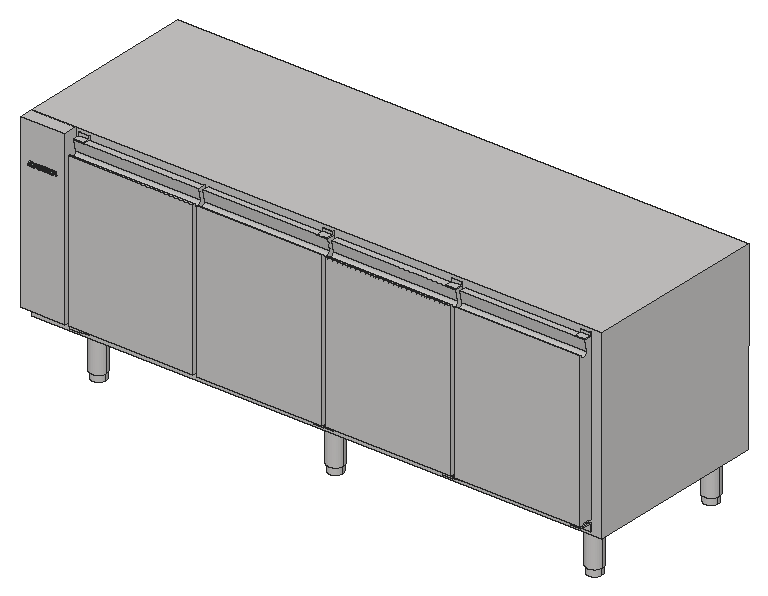
Revit family "QF_ALPENINOX_712666_AJ4R8AAAA", category Specialty Equipment, Revit 2018
Family settings
  Round Connector Dimension = Use Diameter
  Part Type = Normal
  Work Plane-Based = No
  Always vertical = Yes
  Cut with Voids When Loaded = No
  Shared = No
  Room Calculation Point = No
Parameters
  Weight = 0.00 kg
  Watts = 2.78709 W
  Volts = 220 V
  URL Manufacturer = "http://www.alpeninox.com"
  URL = "http://www.alpeninox.com"
  Steam Supply Size = 0 mm
  Steam Supply Minimum Pressure = 0.0 Pa
  Steam Supply Maximum Pressure = 0.0 Pa
  Steam Pounds per Hour = 0
  Refrigeration Suction Line Size = 0 mm
  Refrigeration Liquid Line Size = 0 mm
  Refrigerant Compressor Remote = yes
  Manufacturer = "Alpeninox"
  Phase = 1
  Model = "AJ4R8AAAA"
  Length Actual = 2011 mm  # constant formula
  Length = 2011 mm
  Item Number = "712666"
  Hot Water Size = 0 mm
  Height Actual = 800 mm  # constant formula
  Height = 650 mm
  HP = "0 HP"
  Gas Size = 0 mm
  Gas KW = 0
  Gas Input Pressure = 0 W
  Depth Actual = 700 mm  # constant formula
  Depth = 695 mm
  Description = "4 DOOR REFRIGERATED TABLE -2C-NO TOP REM "
  Cycle = 60 Hz
  Condensate Return Size = 0 mm
  Compressed Air Volume = 0.0 L/s
  Compressed Air Size = 0 mm
  Compressed Air Pressure = 0.0 Pa
  Cold Water Size = 0 mm
  Accessory = yes
Reference planes
  plane 1: z = 0
  plane 2 "Center (Left/Right)": x = -124.5
  plane 3 "Center (Front/Back)": y = 64.5
  plane 4 "FEET": z = 150
  plane 5 "TOP": z = 850
  plane 6 "PLAIN": z = 800
  plane 7 "EI_back": y = 359
  plane 8 "EI_left": x = -1064
  plane 9 "BACK": y = 412
  plane 10 "FRONT": y = -283
  plane 11 "DOOR": y = -233
  plane 12 "LEFT": x = -1130
  plane 13 "RIGHT": x = 881
  plane 14: x = -1105
  plane 15: x = 856
  plane 16 "RO_left": x = -1090
  plane 17 "RI_left": x = -1038
  plane 18 "RO_back": y = 375.5
  plane 19 "RI_back": y = 375.5
  plane 20 "DRAINleft": x = -1064
  plane 21 "DRAINback": y = 164
Forms (mm)
  Extrusion 1, solid, material "QF_Finishes_Stainless Steel"
    sketch origin (-1022.223, -1524, 150) x (-1, 0, 0) y (0, -1, 0)
      loop
        circle (41.777, -1883) r 5
    from 0 to -40
  Extrusion 2, solid, material "QF_Finishes_Stainless Steel"
    sketch origin (-1022.223, -1524, 150) x (-1, 0, 0) y (0, -1, 0)
      loop
        circle (67.777, -1899.5) r 4.25
    from 0 to -20
  Extrusion 3, solid, material "QF_Finishes_Stainless Steel"
    sketch origin (-1022.223, -1524, 150) x (-1, 0, 0) y (0, -1, 0)
      loop
        circle (15.777, -1899.5) r 4
    from 0 to -20
  Extrusion 4, solid, material "QF_Finishes_Stainless Steel"
    sketch origin (-1022.223, -1524, 150) x (-1, 0, 0) y (0, -1, 0)
      loop
        circle (41.777, -1688) r 8.5
    from 0 to -40
  Extrusion 5, solid, material "QF_Finishes_Stainless Steel"
    sketch origin (-1022.223, -1524, 150) x (-1, 0, 0) y (0, -1, 0)
      loop
        line (107.777, -1936) -> (107.777, -1291) -> (-1903.223, -1291) -> (-1903.223, -1936) -> (107.777, -1936)
    from 0 to 650 <- "Height"
Lines and regions (mm)
  symbolic lines, style "SpecialityEquipmentHiddenLines"
    curve 1: line (-1130, 412, 150) -> (881, 412, 150)
    curve 2: line (-1130, -283, 150) -> (-1130, 412, 150)
    curve 3: line (881, -283, 150) -> (-1130, -283, 150)
    curve 4: line (881, 412, 150) -> (881, -283, 150)
    curve 5: line (-1130, -233, 150) -> (881, -233, 150)
    curve 6: line (856, -233, 150) -> (856, -283, 150)
Dimensions and locks
  plane 4 "FEET" to level = 150 mm
  plane 11 "DOOR" to plane 10 "FRONT" = 50 mm
  "Height": plane 6 "PLAIN" to plane 4 "FEET"
  plane 5 "TOP" to plane 6 "PLAIN" = 50 mm
  plane 12 "LEFT" to plane 14 = 25 mm
  plane 15 to plane 13 "RIGHT" = 25 mm
  plane 9 "BACK" to plane 18 "RO_back" = 36.5 mm
  plane 9 "BACK" to plane 7 "EI_back" = 53 mm
  plane 9 "BACK" to plane 19 "RI_back" = 36.5 mm
  plane 9 "BACK" to plane 21 "DRAINback" = 248 mm
  plane 12 "LEFT" to plane 20 "DRAINleft" = 66 mm
  plane 12 "LEFT" to plane 8 "EI_left" = 66 mm
  plane 12 "LEFT" to plane 17 "RI_left" = 92 mm
  plane 12 "LEFT" to plane 16 "RO_left" = 40 mm
  "Depth": plane 9 "BACK" to plane 10 "FRONT"
  equal spacing: plane 9 "BACK", plane 3 "Center (Front/Back)", plane 10 "FRONT"
  "Length": plane 12 "LEFT" to plane 13 "RIGHT"
  equal spacing: plane 12 "LEFT", plane 2 "Center (Left/Right)", plane 13 "RIGHT"
  aligned and locked: level to plane 1
Automatic sketch dimensions
  Extrusion 1 sketch curve to plane 7 "EI_back" = 0 mm
  Extrusion 1 sketch curve to plane 8 "EI_left" = 0 mm
  Extrusion 2 sketch curve to plane 16 "RO_left" = 0 mm
  Extrusion 2 sketch curve to plane 18 "RO_back" = 0 mm
  Extrusion 3 sketch curve to plane 17 "RI_left" = 0 mm
  Extrusion 3 sketch curve to plane 19 "RI_back" = 0 mm
  Extrusion 4 sketch curve to plane 20 "DRAINleft" = 0 mm
  Extrusion 4 sketch curve to plane 21 "DRAINback" = 0 mm
  Extrusion 5 sketch curve to plane 9 "BACK" = 0 mm
  Extrusion 5 sketch curve to plane 13 "RIGHT" = 0 mm
  Extrusion 5 sketch curve to plane 11 "DOOR" = 0 mm
  Extrusion 5 sketch curve to plane 12 "LEFT" = 0 mm
  curve 1 to plane 13 "RIGHT" = 0 mm
  curve 6 to plane 15 = 0 mm
  curve 5 to plane 11 "DOOR" = 0 mm
  curve 5 to plane 12 "LEFT" = 0 mm
  curve 6 to plane 10 "FRONT" = 0 mm
  curve 1 to plane 9 "BACK" = 0 mm
  radius of Extrusion 1 sketch curve = 5 mm
  radius of Extrusion 2 sketch curve = 4.25 mm
  radius of Extrusion 3 sketch curve = 4 mm
  radius of Extrusion 4 sketch curve = 8.5 mm
Nested families
  nested 1: "Refrigerator" at (881, -283, 0), type "Refrigerator"
  nested 2: "FEET" at (-934, 331, 0), type "FEET"
  nested 3: "FEET" at (815, 331, 0), type "FEET"
  nested 4: "FEET" at (-934, -183, 0), type "FEET"
  nested 5: "FEET" at (815, -183, 0), type "FEET"
  nested 6: "FEET" at (-99, -183, 0), type "FEET"
  nested 7: "APX_REM_TN_L_650" at (-973.08, -233, 548) x (1, 0, 0) z (0, -1, 0), type "APX_REM_TN_L_650"
    with Show Logo yes
  nested 8: "APX_SD_L_650" at (-740, -233, 458.88) x (1, 0, 0) z (0, -1, 0), type "APX_SD_L_650"
    with Show Clearance yes
  nested 9: "APX_SD_R_650" at (-286, -233, 458.88) x (1, 0, 0) z (0, -1, 0), type "APX_SD_R_650"
    with Show Clearance yes
  nested 10: "APX_SD_R_650" at (168, -233, 458.88) x (1, 0, 0) z (0, -1, 0), type "APX_SD_R_650"
    with Show Clearance yes
  nested 11: "APX_SD_R_650" at (622, -233, 458.88) x (1, 0, 0) z (0, -1, 0), type "APX_SD_R_650"
    with Show Clearance yes
Connectors
  electrical at (-1064, 359, 110), driven by "Volts"
    settings: on Extrusion 1, index 1, voltage 220 V, apparent load 0 VA, apparent load phase1 0 VA, apparent load phase2 0 VA, apparent load phase3 0 VA, power factor 1, load classification "Other", number of poles 1, system type 31, power factor state 1, is connector primary yes, connector utility no, sub classification motor no, connector description "Electrical Connection"
  piping at (-1090, 375.5, 130), diameter 9.5
    settings: on Extrusion 2, index 3, connector inside diameter 609.6 mm, connector length 0 mm, flow factor 0, pipe flow 0.0 L/s, pressure drop 0.0 Pa, fitting loss kfactor 0, connector angle 0.00°, fixture units 0, engagement length 0 mm, angle of deflection 0.00°, flow configuration 1, flow direction 2, fitting loss method 0, system type 8, joint type 0, gender type 0, connector reference index -1, connector utility 0, adjustable connector no, is connector primary yes, connector description "Refrigerant Outlet"
  piping at (-1038, 375.5, 130), diameter 8
    settings: on Extrusion 3, index 4, connector inside diameter 609.6 mm, connector length 0 mm, flow factor 0, pipe flow 0.0 L/s, pressure drop 0.0 Pa, fitting loss kfactor 0, connector angle 0.00°, fixture units 0, engagement length 0 mm, angle of deflection 0.00°, flow configuration 1, flow direction 1, fitting loss method 0, system type 7, joint type 0, gender type 0, connector reference index -1, connector utility 0, adjustable connector no, is connector primary no, connector description "Refrigerant Inlet"
  piping at (-1064, 164, 110), diameter 17
    settings: on Extrusion 4, index 5, connector inside diameter 609.6 mm, connector length 0 mm, flow factor 0, pipe flow 0.0 L/s, pressure drop 0.0 Pa, fitting loss kfactor 0, connector angle 0.00°, fixture units 0, engagement length 0 mm, angle of deflection 0.00°, flow configuration 1, flow direction 2, fitting loss method 0, system type 16, joint type 0, gender type 0, connector reference index -1, connector utility 0, adjustable connector no, is connector primary no, connector description "Drain"
Definition of nested family "FEET"
  Parameters
    FEET = 150 mm
  Reference planes
    plane 1 "Center (Front/Back)": y = 0
    plane 2: z = 0
    plane 3 "Center (Left/Right)": x = 0
    plane 4: z = 150
  Forms (mm)
    Revolve 1, solid
      sketch origin (255.05, 0, 608.09) x (0, 0, 1) y (-1, 0, 0)
        loop
          line (-608.09, 255.05) -> (-608.09, 230.05) -> (-583.09, 230.05) -> (-583.09, 226.05) -> (-458.09, 226.05) -> (-458.09, 255.05) -> (-608.09, 255.05)
        axis (-608.09, 255.05) -> (-458.09, 255.05)
      angle from 0 to 360
  Dimensions and locks
    locked: Revolve 1 sketch curve to Revolve 1 sketch curve at 125
    "FEET": plane 4 to plane 2
    aligned and locked: level to plane 2
    aligned and locked: plane 4 to Revolve 1 sketch curve
    aligned and locked: Revolve 1 sketch curve to level
    aligned and locked: plane 3 "Center (Left/Right)" to Revolve 1 sketch curve
  Automatic sketch dimensions
    Revolve 1 sketch curve to plane 3 "Center (Left/Right)" = 0 mm
    Revolve 1 sketch curve to Revolve 1 sketch curve = 25 mm
    Revolve 1 sketch curve to Revolve 1 sketch curve = 29 mm
    plane 4 to Revolve 1 sketch curve = 50 mm
    Revolve 1 sketch curve to Revolve 1 sketch curve = 20 mm
Definition of nested family "APX_REM_TN_L_650"
  Parameters
    Show Logo [instance] = yes
    Default Elevation = 1219.2 mm
  Reference planes
    plane 1 "Centro (Fronte/Retro)": y = -49
    plane 2: z = 0
    plane 3 "Centro (Sinistra/Destra)": x = -78.92
  Forms (mm)
    Extrusion 1, solid
      sketch origin (0, 0, 0) x (1, 0, 0) y (0, 1, 0)
        loop
          line (-1219.2, 1219.2) -> (-1219.2, -1219.2) -> (1219.2, -1219.2) -> (1219.2, 1219.2) -> (-1219.2, 1219.2)
      from 0 to -304.8
    Extrusion 2, solid
      sketch origin (0, 0, 0) x (1, 0, 0) y (0, 1, 0)
        loop
          line (-156.92, 252) -> (-156.92, -350) -> (-0.92, -350) -> (-0.92, 252) -> (-156.92, 252)
      from 0 to 50
    Extrusion 3, solid
      sketch origin (43.141, -49.023, 0) x (1, 0, 0) y (0, 1, 0)
        loop
          line (-168.675, 170.349) -> (-172.411, 160.318)
          arc (-172.411, 160.318) -> (-171.624, 158.497) -> (-169.837, 159.36) r 1.374
          line (-169.837, 159.36) -> (-169.268, 161.111) -> (-164.1, 161.111) -> (-163.54, 159.379)
          arc (-163.54, 159.379) -> (-161.802, 158.542) -> (-161.049, 160.318) r 1.333
          line (-161.049, 160.318) -> (-164.694, 170.349)
          arc (-164.694, 170.349) -> (-166.685, 171.876) -> (-168.675, 170.349) r 2.06
        loop
          line (-166.681, 169.055) -> (-168.469, 163.655) -> (-164.935, 163.655) -> (-166.681, 169.055)
        loop
          arc (-159.705, 160.042) -> (-159.262, 158.973) -> (-158.194, 158.531) r 1.512
          line (-158.194, 158.531) -> (-153.608, 158.531)
          arc (-153.608, 158.531) -> (-152.337, 159.802) -> (-153.608, 161.074) r 1.272
          line (-153.608, 161.074) -> (-156.917, 161.074) -> (-156.917, 170.328)
          arc (-156.917, 170.328) -> (-158.311, 171.722) -> (-159.705, 170.328) r 1.394
          line (-159.705, 170.328) -> (-159.705, 160.042)
        loop
          line (-151.076, 170.218) -> (-151.076, 159.859)
          arc (-151.076, 159.859) -> (-149.683, 158.466) -> (-148.29, 159.859) r 1.393
          line (-148.29, 159.859) -> (-148.29, 162.882) -> (-146.225, 162.882)
          arc (-146.225, 162.882) -> (-142.999, 163.859) -> (-141.608, 166.928) r 4.082
          arc (-141.608, 166.928) -> (-142.993, 170.272) -> (-146.336, 171.657) r 4.728
          line (-146.336, 171.657) -> (-149.638, 171.657)
          arc (-149.638, 171.657) -> (-150.655, 171.235) -> (-151.076, 170.218) r 1.439
        loop
          line (-148.29, 165.313) -> (-146.388, 165.313)
          arc (-146.388, 165.313) -> (-144.433, 167.268) -> (-146.388, 169.222) r 1.955
          line (-146.388, 169.222) -> (-148.29, 169.222) -> (-148.29, 165.313)
        loop
          arc (-131.184, 166.332) -> (-132.004, 168.2) -> (-133.767, 169.228) r 3.3
          arc (-133.767, 169.228) -> (-136.353, 168.661) -> (-137.611, 166.332) r 3.176
          line (-137.611, 166.332) -> (-131.184, 166.332)
        loop
          line (-137.538, 163.743) -> (-130.544, 163.743)
          arc (-130.544, 163.743) -> (-129.292, 163.916) -> (-128.301, 164.701) r 2.4
          arc (-128.301, 164.701) -> (-128.155, 165.545) -> (-128.212, 166.399) r 3.635
          arc (-128.212, 166.399) -> (-130.364, 170.162) -> (-134.39, 171.769) r 6.579
          arc (-134.39, 171.769) -> (-138.918, 169.706) -> (-140.661, 165.044) r 6.501
          arc (-140.661, 165.044) -> (-139.276, 160.789) -> (-135.401, 158.549) r 6.252
          arc (-135.401, 158.549) -> (-132.922, 158.526) -> (-130.544, 159.232) r 8.361
          arc (-130.544, 159.232) -> (-129.466, 159.781) -> (-128.641, 160.666) r 3.486
          arc (-128.641, 160.666) -> (-128.419, 161.592) -> (-128.828, 162.451) r 1.425
          arc (-128.828, 162.451) -> (-129.368, 162.762) -> (-129.99, 162.762) r 1.203
          arc (-129.99, 162.762) -> (-130.406, 162.59) -> (-130.764, 162.316) r 1.724
          arc (-130.764, 162.316) -> (-131.666, 161.705) -> (-132.646, 161.229) r 7.6
          arc (-132.646, 161.229) -> (-135.676, 161.35) -> (-137.538, 163.743) r 3.6
        loop
          line (-126.669, 170.328) -> (-126.669, 159.859)
          arc (-126.669, 159.859) -> (-125.273, 158.463) -> (-123.878, 159.859) r 1.396
          line (-123.878, 159.859) -> (-123.878, 166.785) -> (-117.946, 159.029)
          arc (-117.946, 159.029) -> (-116.361, 158.51) -> (-115.379, 159.859) r 1.417
          line (-115.379, 159.859) -> (-115.379, 170.328)
          arc (-115.379, 170.328) -> (-116.774, 171.723) -> (-118.169, 170.328) r 1.395
          line (-118.169, 170.328) -> (-118.169, 163.311) -> (-124.101, 171.157)
          arc (-124.101, 171.157) -> (-125.687, 171.678) -> (-126.669, 170.328) r 1.418
        loop
          arc (-113.636, 159.859) -> (-112.241, 158.464) -> (-110.847, 159.859) r 1.394
          line (-110.847, 159.859) -> (-110.847, 170.328)
          arc (-110.847, 170.328) -> (-112.241, 171.723) -> (-113.636, 170.328) r 1.394
          line (-113.636, 170.328) -> (-113.636, 159.859)
        loop
          line (-109.102, 170.328) -> (-109.102, 159.859)
          arc (-109.102, 159.859) -> (-107.706, 158.463) -> (-106.31, 159.859) r 1.396
          line (-106.31, 159.859) -> (-106.31, 166.785) -> (-100.378, 159.029)
          arc (-100.378, 159.029) -> (-98.793, 158.51) -> (-97.812, 159.859) r 1.417
          line (-97.812, 159.859) -> (-97.812, 170.328)
          arc (-97.812, 170.328) -> (-99.207, 171.723) -> (-100.602, 170.328) r 1.395
          line (-100.602, 170.328) -> (-100.602, 163.311) -> (-106.533, 171.157)
          arc (-106.533, 171.157) -> (-108.119, 171.678) -> (-109.102, 170.328) r 1.418
        loop
          arc (-96.345, 165.093) -> (-95.619, 161.877) -> (-93.467, 159.379) r 6.806
          arc (-93.467, 159.379) -> (-91.792, 158.566) -> (-89.948, 158.31) r 5.956
          arc (-89.948, 158.31) -> (-88.104, 158.566) -> (-86.43, 159.379) r 5.956
          arc (-86.43, 159.379) -> (-84.277, 161.877) -> (-83.551, 165.093) r 6.806
          arc (-83.551, 165.093) -> (-84.277, 168.31) -> (-86.43, 170.808) r 6.806
          arc (-86.43, 170.808) -> (-88.104, 171.621) -> (-89.948, 171.877) r 5.956
          arc (-89.948, 171.877) -> (-91.792, 171.621) -> (-93.467, 170.808) r 5.956
          arc (-93.467, 170.808) -> (-95.619, 168.31) -> (-96.345, 165.093) r 6.806
        loop
          arc (-93.425, 165.093) -> (-93.138, 163.212) -> (-92.081, 161.629) r 4.387
          arc (-92.081, 161.629) -> (-91.087, 161.049) -> (-89.948, 160.881) r 3.035
          arc (-89.948, 160.881) -> (-88.809, 161.049) -> (-87.815, 161.629) r 3.035
          arc (-87.815, 161.629) -> (-86.759, 163.212) -> (-86.472, 165.093) r 4.387
          arc (-86.472, 165.093) -> (-86.759, 166.975) -> (-87.815, 168.558) r 4.387
          arc (-87.815, 168.558) -> (-88.809, 169.138) -> (-89.948, 169.306) r 3.035
          arc (-89.948, 169.306) -> (-91.087, 169.138) -> (-92.081, 168.558) r 3.035
          arc (-92.081, 168.558) -> (-93.138, 166.975) -> (-93.425, 165.093) r 4.387
        loop
          line (-82.843, 169.609) -> (-79.829, 165.552) -> (-83.513, 160.652)
          arc (-83.513, 160.652) -> (-83.216, 158.692) -> (-81.262, 159.029) r 1.388
          line (-81.262, 159.029) -> (-78.213, 163.232) -> (-75.164, 159.029)
          arc (-75.164, 159.029) -> (-73.211, 158.692) -> (-72.913, 160.652) r 1.388
          line (-72.913, 160.652) -> (-76.597, 165.552) -> (-73.584, 169.609)
          arc (-73.584, 169.609) -> (-73.952, 171.597) -> (-75.908, 171.084) r 1.38
          line (-75.908, 171.084) -> (-78.213, 167.841) -> (-80.519, 171.084)
          arc (-80.519, 171.084) -> (-82.474, 171.597) -> (-82.843, 169.609) r 1.38
      from 50 to 51.6
  Lines and regions (mm)
    Split face 1
      outline origin (0, 0, 50) x (1, 0, 0) y (0, 1, 0)
        loop
          line (-0.92, 188) -> (-156.92, 188)
    Split face 2
      outline origin (0, 0, 50) x (1, 0, 0) y (0, 1, 0)
        loop
          line (-156.92, 178) -> (-0.92, 178)
    Split face 3
      outline origin (0, 0, 50) x (1, 0, 0) y (0, 1, 0)
        loop
          line (-0.92, 104) -> (-156.92, 104)
    Split face 4
      outline origin (0, 0, 50) x (1, 0, 0) y (0, 1, 0)
        loop
          line (-0.92, 94) -> (-156.92, 94)
    Split face 5
      outline origin (0, 0, 50) x (1, 0, 0) y (0, 1, 0)
        loop
          line (-108.92, 163.931) -> (-108.92, 134.412) -> (-48.92, 134.412) -> (-48.92, 163.931) -> (-108.92, 163.931)
    Split face 6
      outline origin (0, 0, 50) x (1, 0, 0) y (0, 1, 0)
        loop
          line (-68.92, 160.931) -> (-68.92, 137.412) -> (-51.92, 137.412) -> (-51.92, 160.931) -> (-68.92, 160.931)
    symbolic lines
      curve 1: line (-2, -49, 50) -> (-2, -49, 0)
  Dimensions and locks
    equal spacing: Extrusion 2, plane 3 "Centro (Sinistra/Destra)", Extrusion 2
    equal spacing: Extrusion 2, plane 1 "Centro (Fronte/Retro)", Extrusion 2
    Extrusion 2 to Extrusion 2 = 156 mm
    aligned and locked: plane 2 to Extrusion 1
    aligned and locked: level to Extrusion 1
  Automatic sketch dimensions
    curve 1 to level = 0 mm
    plane 3 "Centro (Sinistra/Destra)" to curve 1 = 76.92 mm
    curve 1 to curve 1 = 50 mm
    Extrusion 1 sketch curve to Extrusion 1 sketch curve = 2438.4 mm  (x2)
    Extrusion 2 sketch curve to plane 3 "Centro (Sinistra/Destra)" = 78 mm
    plane 3 "Centro (Sinistra/Destra)" to Extrusion 2 sketch curve = 78 mm
    plane 1 "Centro (Fronte/Retro)" to Extrusion 2 sketch curve = 301 mm
    Extrusion 2 sketch curve to plane 1 "Centro (Fronte/Retro)" = 301 mm
    Extrusion 3 sketch curve to plane 3 "Centro (Sinistra/Destra)" = 50.35 mm
    Extrusion 3 sketch curve to Extrusion 3 sketch curve = 1.266 mm
    Extrusion 3 sketch curve to Extrusion 3 sketch curve = 1.307 mm
    Extrusion 3 sketch curve to Extrusion 3 sketch curve = 0.57 mm
    Extrusion 3 sketch curve to Extrusion 3 sketch curve = 0.593 mm
    Extrusion 3 sketch curve to Extrusion 3 sketch curve = 0.799 mm
    Extrusion 3 sketch curve to Extrusion 3 sketch curve = 1.99 mm  (x2)
    Extrusion 3 sketch curve to Extrusion 3 sketch curve = 0.003 mm
    Extrusion 3 sketch curve to Extrusion 3 sketch curve = 3.534 mm
    Extrusion 3 sketch curve to Extrusion 3 sketch curve = 0.835 mm
    Extrusion 3 sketch curve to Extrusion 3 sketch curve = 0.56 mm
    Extrusion 3 sketch curve to Extrusion 3 sketch curve = 1.268 mm
    Extrusion 3 sketch curve to Extrusion 3 sketch curve = 1.223 mm
    Extrusion 3 sketch curve to Extrusion 3 sketch curve = 1.344 mm
    Extrusion 3 sketch curve to Extrusion 3 sketch curve = 1.394 mm  (x2)
    Extrusion 3 sketch curve to Extrusion 3 sketch curve = 1.512 mm
    Extrusion 3 sketch curve to Extrusion 3 sketch curve = 3.309 mm
    Extrusion 3 sketch curve to Extrusion 3 sketch curve = 5.841 mm
    Extrusion 3 sketch curve to Extrusion 3 sketch curve = 1.393 mm
    Extrusion 3 sketch curve to Extrusion 3 sketch curve = 1.439 mm
    Extrusion 3 sketch curve to Extrusion 3 sketch curve = 0 mm  (x19)
    Extrusion 3 sketch curve to Extrusion 3 sketch curve = 1.902 mm
    Extrusion 3 sketch curve to Extrusion 3 sketch curve = 0.052 mm
    Extrusion 3 sketch curve to Extrusion 3 sketch curve = 2.065 mm
    Extrusion 3 sketch curve to Extrusion 3 sketch curve = 0.647 mm
    Extrusion 3 sketch curve to Extrusion 3 sketch curve = 8.079 mm
    Extrusion 3 sketch curve to Extrusion 3 sketch curve = 0.073 mm
    Extrusion 3 sketch curve to Extrusion 3 sketch curve = 2.145 mm
    Extrusion 3 sketch curve to Extrusion 3 sketch curve = 2.931 mm
    Extrusion 3 sketch curve to Extrusion 3 sketch curve = 0.213 mm
    Extrusion 3 sketch curve to Extrusion 3 sketch curve = 0.026 mm
    Extrusion 3 sketch curve to Extrusion 3 sketch curve = 0.263 mm
    Extrusion 3 sketch curve to Extrusion 3 sketch curve = 0.516 mm
    Extrusion 3 sketch curve to Extrusion 3 sketch curve = 0.356 mm
    Extrusion 3 sketch curve to Extrusion 3 sketch curve = 0.387 mm
    Extrusion 3 sketch curve to Extrusion 3 sketch curve = 2.378 mm
    Extrusion 3 sketch curve to Extrusion 3 sketch curve = 2.466 mm
    Extrusion 3 sketch curve to Extrusion 3 sketch curve = 0.602 mm
    Extrusion 3 sketch curve to Extrusion 3 sketch curve = 1.02 mm
    Extrusion 3 sketch curve to Extrusion 3 sketch curve = 0.949 mm
    Extrusion 3 sketch curve to Extrusion 3 sketch curve = 1.728 mm
    Extrusion 3 sketch curve to Extrusion 3 sketch curve = 0.157 mm  (x2)
    Extrusion 3 sketch curve to Extrusion 3 sketch curve = 0.292 mm
    Extrusion 3 sketch curve to plane 3 "Centro (Sinistra/Destra)" = 4.608 mm
    Extrusion 3 sketch curve to Extrusion 3 sketch curve = 1.396 mm  (x2)
    Extrusion 3 sketch curve to Extrusion 3 sketch curve = 1.418 mm  (x2)
    Extrusion 3 sketch curve to Extrusion 3 sketch curve = 1.151 mm  (x2)
    plane 3 "Centro (Sinistra/Destra)" to Extrusion 3 sketch curve = 3.891 mm
    plane 3 "Centro (Sinistra/Destra)" to Extrusion 3 sketch curve = 4.115 mm
    Extrusion 3 sketch curve to Extrusion 3 sketch curve = 1.149 mm  (x2)
    Extrusion 3 sketch curve to Extrusion 3 sketch curve = 1.395 mm  (x2)
    Extrusion 3 sketch curve to Extrusion 3 sketch curve = 1.744 mm
    Extrusion 3 sketch curve to Extrusion 3 sketch curve = 1.745 mm
    Extrusion 3 sketch curve to Extrusion 3 sketch curve = 5.709 mm
    Extrusion 3 sketch curve to Extrusion 3 sketch curve = 0.224 mm
    Extrusion 3 sketch curve to Extrusion 3 sketch curve = 6.963 mm
    Extrusion 3 sketch curve to Extrusion 3 sketch curve = 0.493 mm  (x3)
    Extrusion 3 sketch curve to Extrusion 3 sketch curve = 0.273 mm  (x2)
    Extrusion 3 sketch curve to Extrusion 3 sketch curve = 0.021 mm  (x2)
    Extrusion 3 sketch curve to Extrusion 3 sketch curve = 0.226 mm  (x2)
    Extrusion 3 sketch curve to Extrusion 3 sketch curve = 0.268 mm  (x2)
    Extrusion 3 sketch curve to Extrusion 3 sketch curve = 0.294 mm
    Extrusion 3 sketch curve to Extrusion 3 sketch curve = 5.534 mm
    Extrusion 3 sketch curve to Extrusion 3 sketch curve = 6.205 mm
    Extrusion 3 sketch curve to Extrusion 3 sketch curve = 1.109 mm  (x2)
    Extrusion 3 sketch curve to Extrusion 3 sketch curve = 1.108 mm  (x2)
    Extrusion 3 sketch curve to Extrusion 3 sketch curve = 1.142 mm  (x2)
    Extrusion 3 sketch curve to Extrusion 3 sketch curve = 1.216 mm  (x2)
    Extrusion 3 sketch curve to Extrusion 3 sketch curve = 3.013 mm
    Extrusion 3 sketch curve to Extrusion 3 sketch curve = 1.616 mm  (x3)
    Extrusion 3 sketch curve to Extrusion 3 sketch curve = 2.305 mm
    Extrusion 3 sketch curve to Extrusion 3 sketch curve = 3.049 mm
    Extrusion 3 sketch curve to plane 1 "Centro (Fronte/Retro)" = 158.508 mm
    Extrusion 3 sketch curve to Extrusion 3 sketch curve = 0.498 mm
    Extrusion 3 sketch curve to Extrusion 3 sketch curve = 0.682 mm
    Extrusion 3 sketch curve to Extrusion 3 sketch curve = 0.664 mm
    Extrusion 3 sketch curve to Extrusion 3 sketch curve = 0.425 mm
    Extrusion 3 sketch curve to Extrusion 3 sketch curve = 0.41 mm
    Extrusion 3 sketch curve to Extrusion 3 sketch curve = 1.272 mm
    Extrusion 3 sketch curve to Extrusion 3 sketch curve = 0.789 mm  (x2)
    Extrusion 3 sketch curve to Extrusion 3 sketch curve = 0.056 mm
    Extrusion 3 sketch curve to Extrusion 3 sketch curve = 0.83 mm
    Extrusion 3 sketch curve to Extrusion 3 sketch curve = 1.238 mm
    Extrusion 3 sketch curve to Extrusion 3 sketch curve = 1.732 mm
    Extrusion 3 sketch curve to Extrusion 3 sketch curve = 0.346 mm
    Extrusion 3 sketch curve to Extrusion 3 sketch curve = 1.123 mm
    Extrusion 3 sketch curve to Extrusion 3 sketch curve = 3.023 mm
    Extrusion 3 sketch curve to Extrusion 3 sketch curve = 4.203 mm
    Extrusion 3 sketch curve to Extrusion 3 sketch curve = 3.452 mm  (x2)
    Extrusion 3 sketch curve to Extrusion 3 sketch curve = 2.544 mm
    Extrusion 3 sketch curve to Extrusion 3 sketch curve = 1.177 mm
    Extrusion 3 sketch curve to Extrusion 3 sketch curve = 3.261 mm
    Extrusion 3 sketch curve to Extrusion 3 sketch curve = 0.352 mm  (x2)
    Extrusion 3 sketch curve to Extrusion 3 sketch curve = 1.987 mm
    Extrusion 3 sketch curve to Extrusion 3 sketch curve = 0.171 mm
    Extrusion 3 sketch curve to Extrusion 3 sketch curve = 0.533 mm  (x3)
    Extrusion 3 sketch curve to Extrusion 3 sketch curve = 0.14 mm  (x4)
    Extrusion 3 sketch curve to Extrusion 3 sketch curve = 0.473 mm
    Extrusion 3 sketch curve to Extrusion 3 sketch curve = 0.31 mm  (x2)
    Extrusion 3 sketch curve to Extrusion 3 sketch curve = 0.075 mm
    Extrusion 3 sketch curve to Extrusion 3 sketch curve = 2.431 mm
    Extrusion 3 sketch curve to Extrusion 3 sketch curve = 2.32 mm  (x2)
    Extrusion 3 sketch curve to Extrusion 3 sketch curve = 1.992 mm
    Extrusion 3 sketch curve to Extrusion 3 sketch curve = 0.674 mm
    Extrusion 3 sketch curve to Extrusion 3 sketch curve = 0.732 mm
    Extrusion 3 sketch curve to Extrusion 3 sketch curve = 0.388 mm
    Extrusion 3 sketch curve to Extrusion 3 sketch curve = 0.121 mm
    Extrusion 3 sketch curve to Extrusion 3 sketch curve = 2.589 mm
    Extrusion 3 sketch curve to Extrusion 3 sketch curve = 0.662 mm
    Extrusion 3 sketch curve to Extrusion 3 sketch curve = 3.473 mm
    Extrusion 3 sketch curve to Extrusion 3 sketch curve = 0.681 mm
    Extrusion 3 sketch curve to Extrusion 3 sketch curve = 1.615 mm
    Extrusion 3 sketch curve to Extrusion 3 sketch curve = 0.34 mm
    Extrusion 3 sketch curve to Extrusion 3 sketch curve = 2.288 mm
    Extrusion 3 sketch curve to Extrusion 3 sketch curve = 0.942 mm
    Extrusion 3 sketch curve to Extrusion 3 sketch curve = 5.4 mm
    Extrusion 3 sketch curve to Extrusion 3 sketch curve = 1.768 mm  (x2)
    Extrusion 3 sketch curve to Extrusion 3 sketch curve = 0.761 mm
    Extrusion 3 sketch curve to Extrusion 3 sketch curve = 0.996 mm
    Extrusion 3 sketch curve to Extrusion 3 sketch curve = 3.543 mm  (x2)
    Extrusion 3 sketch curve to Extrusion 3 sketch curve = 7.017 mm
    Extrusion 3 sketch curve to Extrusion 3 sketch curve = 0.11 mm
    Extrusion 3 sketch curve to Extrusion 3 sketch curve = 0.823 mm  (x2)
    Extrusion 3 sketch curve to Extrusion 3 sketch curve = 0.947 mm
    Extrusion 3 sketch curve to Extrusion 3 sketch curve = 3.837 mm
    Extrusion 3 sketch curve to Extrusion 3 sketch curve = 0.623 mm
    Extrusion 3 sketch curve to Extrusion 3 sketch curve = 1.082 mm
    Extrusion 3 sketch curve to Extrusion 3 sketch curve = 0.801 mm
    Extrusion 3 sketch curve to Extrusion 3 sketch curve = 1 mm
    Extrusion 3 sketch curve to Extrusion 3 sketch curve = 0.089 mm
    Extrusion 3 sketch curve to Extrusion 3 sketch curve = 4.257 mm
    Extrusion 3 sketch curve to Extrusion 3 sketch curve = 4.345 mm  (x2)
    Extrusion 3 sketch curve to Extrusion 3 sketch curve = 2.576 mm
    Extrusion 3 sketch curve to Extrusion 3 sketch curve = 1.385 mm  (x4)
    Extrusion 3 sketch curve to Extrusion 3 sketch curve = 2.133 mm  (x4)
    Extrusion 3 sketch curve to Extrusion 3 sketch curve = 3.518 mm
    Extrusion 3 sketch curve to Extrusion 3 sketch curve = 5.603 mm
    Extrusion 3 sketch curve to Extrusion 3 sketch curve = 2.571 mm
    Split face 1 sketch curve to Extrusion 2 = 0 mm  (x2)
    Split face 1 sketch curve to Extrusion 2 = 64 mm
    Split face 2 sketch curve to Extrusion 2 = 0 mm
    Split face 2 sketch curve to Extrusion 2 = 74 mm
    Extrusion 2 to Split face 2 sketch curve = 0 mm
    Split face 3 sketch curve to Extrusion 2 = 0 mm  (x2)
    Split face 3 sketch curve to Extrusion 2 = 148 mm
    Split face 4 sketch curve to Extrusion 2 = 0 mm  (x2)
    Split face 4 sketch curve to Extrusion 2 = 158 mm
    Split face 5 sketch curve to Extrusion 2 = 48 mm  (x2)
    Split face 5 sketch curve to Extrusion 2 = 117.588 mm
    Split face 5 sketch curve to Split face 5 sketch curve = 29.518 mm
    Split face 6 sketch curve to Extrusion 2 = 68 mm
    Split face 6 sketch curve to Split face 6 sketch curve = 17 mm
    Split face 6 sketch curve to Extrusion 2 = 114.588 mm
    Split face 6 sketch curve to Split face 6 sketch curve = 23.518 mm
Definition of nested family "APX_SD_L_650"
  Parameters
    Show Clearance [instance] = yes
    Default Elevation = 1219.2 mm
  Reference planes
    plane 1 "Center (Front/Back)": y = 28.12
    plane 2: z = 0
    plane 3 "Center (Left/Right)": x = 0
    plane 4: x = -234
    plane 5: x = 234
  Forms (mm)
    Extrusion 1, solid
      sketch origin (0, 0, 0) x (1, 0, 0) y (0, 1, 0)
        loop
          line (-1219.2, 1219.2) -> (-1219.2, -1219.2) -> (1219.2, -1219.2) -> (1219.2, 1219.2) -> (-1219.2, 1219.2)
      from 0 to -304.8
    Extrusion 2, solid
      sketch origin (0, 53.12, -3) x (0, 1, 0) y (0, 0, 1)
        loop
          line (-314, 53) -> (-314, 3) -> (264, 3) -> (264, 29) -> (224.395, 20)
          arc (224.395, 20) -> (210.396, 33.803) -> (224, 47.994) r 14
          line (224, 47.994) -> (224, 53) -> (-314, 53)
      from -220 to 220
    Extrusion 3, solid
      sketch origin (0, 53.12, 0) x (0, 1, 0) y (0, 0, -1)
        loop
          line (-323.003, -40.312) -> (-323.003, -12.259) -> (-323.003, 0) -> (-351.511, 0) -> (-351.511, -2.5) -> (-325.503, -2.5) -> (-325.503, -42.812) -> (-316.501, -42.812) -> (-316.501, -40.312) -> (-323.003, -40.312)
        loop
          line (-314, -38.311) -> (-314, -11.804) -> (-319.752, -11.804) -> (-319.752, -14.304) -> (-316.501, -14.304) -> (-316.501, -38.311) -> (-314, -38.311)
        loop
          line (265.003, -27.948) -> (267.503, -27.948) -> (267.503, -2.5) -> (277.503, -2.5) -> (277.503, 0) -> (265.003, 0) -> (265.003, -2.948) -> (265.003, -27.948)
      from 185 to 220
    Extrusion 4, solid, visible <- "Show Clearance", detail levels coarse
      sketch origin (0, 28.12, -3) x (-1, 0, 0) y (0, 0, -1)
        loop
          line (220, -53) -> (-220, -53)
          arc (-220, -53) -> (-79.636, -340.04) -> (220, -451) r 430
          line (220, -451) -> (220, -53)
      from -289 to 289
  Lines and regions (mm)
    symbolic lines
      curve 1: arc (219.599, 0, 55) -> (95.934, 0, 321.503) -> (-170, 0, 446.39) r 430
      curve 2: line (-220, 0, 55) -> (-220, 0, 448)
      curve 3: line (-170, 0, 55) -> (-170, 0, 448)
      curve 4: line (-220, 0, 448) -> (-170, 0, 448)
  Dimensions and locks
    plane 4 to plane 3 "Center (Left/Right)" to plane 5 = 234 mm locked, 234 mm locked
    aligned and locked: plane 2 to Extrusion 1
    aligned and locked: level to Extrusion 1
Definition of nested family "APX_SD_R_650"
  Parameters
    Show Clearance [instance] = yes
    Default Elevation = 1219.2 mm
  Reference planes
    plane 1 "Center (Front/Back)": y = 28.12
    plane 2: z = 0
    plane 3 "Center (Left/Right)": x = 0
    plane 4: x = -234
    plane 5: x = 234
  Forms (mm)
    Extrusion 1, solid
      sketch origin (0, 0, 0) x (1, 0, 0) y (0, 1, 0)
        loop
          line (-1219.2, 1219.2) -> (-1219.2, -1219.2) -> (1219.2, -1219.2) -> (1219.2, 1219.2) -> (-1219.2, 1219.2)
      from 0 to -304.8
    Extrusion 2, solid
      sketch origin (0, 53.12, -3) x (0, 1, 0) y (0, 0, 1)
        loop
          line (-314, 53) -> (-314, 3) -> (264, 3) -> (264, 29) -> (224.395, 20)
          arc (224.395, 20) -> (210.396, 33.803) -> (224, 47.994) r 14
          line (224, 47.994) -> (224, 53) -> (-314, 53)
      from -220 to 220
    Extrusion 3, solid, visible <- "Show Clearance", detail levels coarse
      sketch origin (0, 28.12, -3) x (-1, 0, 0) y (0, 0, -1)
        loop
          line (220, -53) -> (-220, -53) -> (-220, -451)
          arc (-220, -451) -> (79.636, -340.04) -> (220, -53) r 430
      from -289 to 289
    Extrusion 4, solid
      sketch origin (0, 53.12, 0) x (0, 1, 0) y (0, 0, 1)
        loop
          line (-323.003, 40.312) -> (-316.501, 40.312) -> (-316.501, 42.812) -> (-325.503, 42.812) -> (-325.503, 2.5) -> (-351.511, 2.5) -> (-351.511, 0) -> (-323.003, 0) -> (-323.003, 12.259) -> (-323.003, 40.312)
        loop
          line (-314, 38.311) -> (-316.501, 38.311) -> (-316.501, 14.304) -> (-319.752, 14.304) -> (-319.752, 11.804) -> (-314, 11.804) -> (-314, 38.311)
        loop
          line (265.003, 27.948) -> (265.003, 2.948) -> (265.003, 0) -> (277.503, 0) -> (277.503, 2.5) -> (267.503, 2.5) -> (267.503, 27.948) -> (265.003, 27.948)
      from 185 to 220
  Lines and regions (mm)
    symbolic lines
      curve 1: arc (-219.599, 0, 54.79) -> (-95.934, 0, 321.293) -> (170, 0, 446.179) r 430
      curve 2: line (220, 0, 54.79) -> (220, 0, 447.79)
      curve 3: line (170, 0, 54.79) -> (170, 0, 447.79)
      curve 4: line (220, 0, 447.79) -> (170, 0, 447.79)
  Dimensions and locks
    plane 4 to plane 3 "Center (Left/Right)" to plane 5 = 234 mm locked, 234 mm locked
    aligned and locked: plane 2 to Extrusion 1
    aligned and locked: level to Extrusion 1
Definition of nested family "Refrigerator"
  Reference planes
    plane 1 "Center (Front/Back)": y = 0
    plane 2: z = 0
    plane 3 "Center (Left/Right)": x = 0
  Lines and regions (mm)
    detail lines, in view "Ref. Level"
      curve 1: spline (-500, 190, 0) -> (-493.185, 166.706, 0) -> (-473.205, 145, 0) -> (-441.421, 126.36, 0) -> (-400, 112.058, 0) -> (-351.764, 103.067, 0) -> (-300, 100, 0) -> (-248.236, 103.067, 0) -> (-200, 112.058, 0) -> (-158.579, 126.36, 0) -> (-126.795, 145, 0) -> (-106.815, 166.706, 0) -> (-100, 190, 0) -> (-106.815, 213.294, 0) -> (-126.795, 235, 0) -> (-158.579, 253.64, 0) -> (-200, 267.942, 0) -> (-248.236, 276.933, 0) -> (-300, 280, 0) -> (-351.764, 276.933, 0) -> (-400, 267.942, 0) -> (-441.421, 253.64, 0) -> (-473.205, 235, 0) -> (-493.185, 213.294, 0) -> (-500, 190, 0)
      curve 2: line (-300, 130, 0) -> (-300, 250, 0)
      curve 3: line (-351.962, 220, 0) -> (-248.038, 160, 0)
      curve 4: line (-351.962, 160, 0) -> (-248.038, 220, 0)
      curve 5: line (-280.884, 246.873, 0) -> (-300, 225, 0)
      curve 6: line (-300, 225, 0) -> (-319.116, 246.873, 0)
      curve 7: line (-330.311, 207.5, 0) -> (-339.696, 234.992, 0)
      curve 8: line (-358.812, 201.882, 0) -> (-330.311, 207.5, 0)
      curve 9: line (-330.311, 172.5, 0) -> (-358.812, 178.118, 0)
      curve 10: line (-339.696, 145.008, 0) -> (-330.311, 172.5, 0)
      curve 11: line (-300, 155, 0) -> (-319.116, 133.127, 0)
      curve 12: line (-280.884, 133.127, 0) -> (-300, 155, 0)
      curve 13: line (-269.689, 172.5, 0) -> (-260.304, 145.008, 0)
      curve 14: line (-241.188, 178.118, 0) -> (-269.689, 172.5, 0)
      curve 15: line (-269.689, 207.5, 0) -> (-241.188, 201.882, 0)
      curve 16: line (-260.304, 234.992, 0) -> (-269.689, 207.5, 0)
